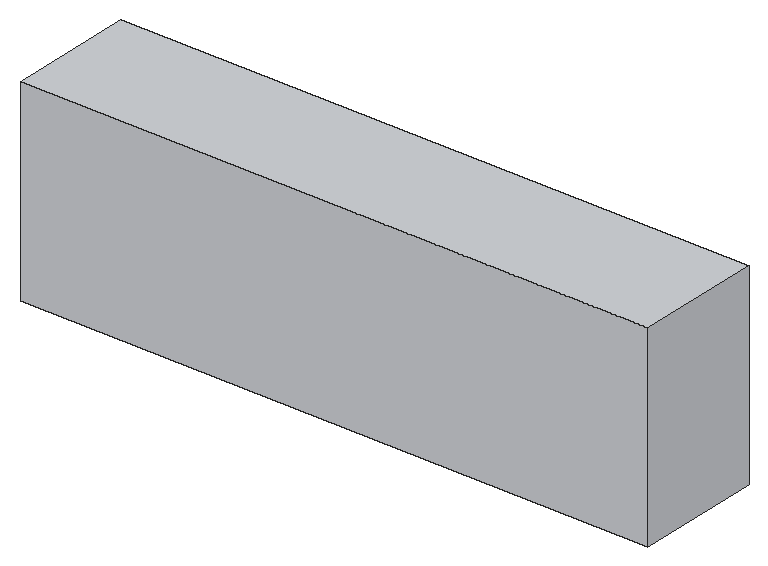
Revit family "Routing Rack Guide", category Generic Models, Revit 2022
Family settings
  Can host rebar = No
  Round Connector Dimension = Use Diameter
  Part Type = Normal
  Work Plane-Based = No
  Always vertical = Yes
  Cut with Voids When Loaded = No
  Maintain Annotation Orientation = No
  Shared = No
  Room Calculation Point = No
Parameters (values of type "Generic")
  高さ [instance] = 1250 mm
  幅 [instance] = 4000 mm
  奥行き [instance] = 800 mm
  Default Elevation = 2800 mm
  material = Rack
  Arent-Width [instance] = 幅  # 4000 mm
  Arent-Offset [instance] = 2800 mm
  Arent-Length [instance] = 奥行き  # 800 mm
  Arent-Height [instance] = 高さ  # 1250 mm
Reference planes
  plane 1 "Center (Front/Back)": y = 0
  plane 2: z = 0
  plane 3 "Center (Left/Right)": x = 0
  plane 4: y = 400
  plane 5: y = -400
  plane 6: x = -2000
  plane 7: x = 2000
  plane 8: z = 4050
  plane 9: z = 2800
Forms (mm)
  Extrusion 1, solid
    sketch origin (0, 0, 0) x (1, 0, 0) y (0, 1, 0)
      loop
        line (-2000, 400) -> (-2000, -400) -> (2000, -400) -> (2000, 400) -> (-2000, 400)
    from 2800 to 4050
Lines and regions (mm)
  symbolic lines, style "Arrent-Clearance"
    curve 1: line (-2000, 400, 0) -> (2000, 400, 0)
    curve 2: line (-2000, -400, 0) -> (-2000, 400, 0)
    curve 3: line (2000, -400, 0) -> (-2000, -400, 0)
    curve 4: line (2000, 400, 0) -> (2000, -400, 0)
Dimensions and locks
  equal spacing: plane 4, plane 1 "Center (Front/Back)", plane 5
  equal spacing: plane 6, plane 3 "Center (Left/Right)", plane 7
  "幅": plane 6 to plane 7
  "奥行き": plane 4 to plane 5
  "Arent-Offset": plane 9 to level
  "高さ": plane 8 to plane 9
  aligned and locked: level to plane 2
  aligned and locked: plane 4 to Extrusion 1
  aligned and locked: Extrusion 1 to plane 6
  aligned and locked: plane 5 to Extrusion 1
  aligned and locked: plane 7 to Extrusion 1
  aligned and locked: plane 8 to Extrusion 1
  aligned and locked: Extrusion 1 to plane 9
  aligned and locked: curve 1 to plane 4
  aligned and locked: plane 6 to curve 2
  aligned and locked: plane 5 to curve 3
  aligned and locked: curve 4 to plane 7
Automatic sketch dimensions
  Extrusion 1 sketch curve to plane 5 = 0 mm
  Extrusion 1 sketch curve to plane 6 = 0 mm
  Extrusion 1 sketch curve to plane 7 = 0 mm
  Extrusion 1 sketch curve to plane 4 = 0 mm
